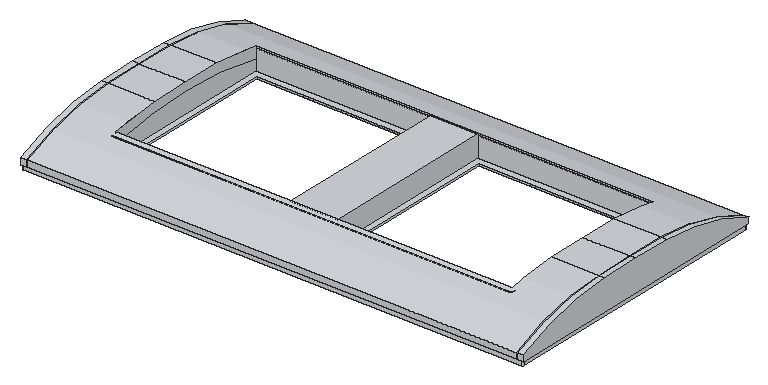
Revit family "Gira_021224", category Electrical Fixtures, host Face, Revit 2017
Family settings
  Host = Face
  Maintain Annotation Orientation = No
  Round Connector Dimension = Use Diameter
  Part Type = Normal
  Cut with Voids When Loaded = No
  Shared = No
  Room Calculation Point = No
Parameters (values of type "Cov.fr. 2-g interm.fr. AN Gira Event Opaque white")
  With mounting grid = "No"
  With hinged lid = "No"
  URL = "http://katalog.gira.de/en/datenblatt.html?artikelnr=021224"
  Type of fastening = "Clamp mounting"
  Transparent = "No"
  Surface protection = "Other"
  Suitable for wall duct = "No"
  Suitable for flush-mounted installation = "Yes"
  Suitable for floor box = "No"
  Suitable for built-in installation = "No"
  Number of units vertical = "2"
  Number of units horizontal = "2"
  Number of units = "2"
  Name = "Cov.fr. 2-g interm.fr. AN Gira Event Opaque white"
  Mounting direction = "Horizontal and vertical"
  Material quality = "Thermoplastic"
  Material = "Plastic"
  Manufacturer URL = "https://www.gira.de/"
  Manufacturer = "Gira"
  Label space/information surface = "No"
  Keynote = ""
  HeinzeBIM = "https://bimportal.heinze.de/bim/cov-fr-2-g-interm-fr-an-gira-event-opaque-white/427adbf148d74cdda7cfa282a0370457a4938cc1"
  Halogen free = "Yes"
  HAN = "021224"
  GTIN = "4010337212249"
  Description = "Cov.fr.2g i.fr.AN EvOp WH,Gira Event Opaque frames,white with anthracite intermediate frame,2-gang,Features:,- Shatter-proof."
  Degree of protection (IP) = "IP20"
  Default Elevation = 1219.2 mm
  Data sheet (1) = "https://katalog.gira.de/en/download.html?artikelnr=021224"
  Colour = "White"
  Category = "Cover frame for domestic switching devices"
  BIM (1) = "https://media.stage.bim.site/public/gira/36a6b08/Event_Rahmen_2fach.rfa"
  Available = "No"
Reference planes
  plane 1 "Center (Front/Back)": y = 0
  plane 2: z = 0
  plane 3 "Center (Left/Right)": x = 0
Forms (mm)
  Extrusion 1, solid, detail levels fine
    sketch origin (0, 0, 0.05) x (0, 1, 0) y (0, 0, 1)
      loop
        arc (12.445, 9.683) -> (6.223, 9.833) -> (0, 9.85) r 291.636
        arc (0, 9.85) -> (-6.223, 9.833) -> (-12.445, 9.683) r 291.636
        arc (-12.445, 9.683) -> (-29.14, 7.482) -> (-45, 1.823) r 79.728
        line (-45, 1.823) -> (-45, -0.05) -> (-42.086, -0.05)
        arc (-42.086, -0.05) -> (-21.385, 5.559) -> (0, 7.206) r 114.424
        arc (0, 7.206) -> (21.385, 5.559) -> (42.086, -0.05) r 114.424
        line (42.086, -0.05) -> (45, -0.05) -> (45, 1.823)
        arc (45, 1.823) -> (29.14, 7.482) -> (12.445, 9.683) r 79.728
    from -78.55 to 78.55
  Extrusion 2, void, detail levels fine
    sketch origin (0, 0, 0) x (1, 0, 0) y (0, 1, 0)
      loop
        line (-63.55, -27.937) -> (63.55, -27.937) -> (63.55, 28.063) -> (-63.55, 28.063) -> (-63.55, -27.937)
    from 0.724 to 11
  Extrusion 3, solid, detail levels coarse
    sketch origin (0, 0, 0) x (1, 0, 0) y (0, 1, 0)
      loop
        line (-80.55, 45) -> (-80.55, -45) -> (80.55, -45) -> (80.55, 45) -> (-80.55, 45)
    from -1.5 to 9.9
  Extrusion 4, solid, detail levels medium
    sketch origin (0, 0, 0.05) x (0, 1, 0) y (0, 0, 1)
      loop
        arc (12.445, 9.683) -> (6.223, 9.833) -> (0, 9.85) r 291.636
        arc (0, 9.85) -> (-6.223, 9.833) -> (-12.445, 9.683) r 291.636
        arc (-12.445, 9.683) -> (-29.14, 7.482) -> (-45, 1.823) r 79.728
        line (-45, 1.823) -> (-45, -0.05) -> (45, -0.05) -> (45, 1.823)
        arc (45, 1.823) -> (29.14, 7.482) -> (12.445, 9.683) r 79.728
    from -80.55 to 80.55
  Extrusion 5, solid, detail levels fine
    sketch origin (-35.55, 0, -1.5) x (0, 1, 0) y (0, 0, -1)
      loop
        line (45, -3.373) -> (45, -1.5) -> (-45, -1.5) -> (-45, -3.373)
        arc (-45, -3.373) -> (-29.14, -9.032) -> (-12.445, -11.233) r 79.728
        arc (-12.445, -11.233) -> (-6.223, -11.383) -> (0, -11.4) r 291.636
        arc (0, -11.4) -> (6.223, -11.383) -> (12.445, -11.233) r 291.636
        arc (12.445, -11.233) -> (29.14, -9.032) -> (45, -3.373) r 79.728
    from 43 to 45
  Extrusion 6, solid, detail levels fine
    sketch origin (0, 0, 0) x (1, 0, 0) y (0, 1, 0)
      loop
        line (-61.45, 25.7) -> (-61.45, -25.7) -> (-9.65, -25.7) -> (-9.65, 25.7) -> (-61.45, 25.7)
      loop
        line (61.45, -25.7) -> (61.45, 25.7) -> (9.65, 25.7) -> (9.65, -25.7) -> (61.45, -25.7)
      loop
        line (-64.445, 28.49) -> (-64.445, -28.495)
        spline (-64.445, -28.495) -> (-64.436, -28.625) -> (-64.411, -28.754) -> (-64.369, -28.878) -> (-64.311, -28.995) -> (-64.238, -29.104) -> (-64.152, -29.202) -> (-64.054, -29.288) -> (-63.945, -29.361) -> (-63.828, -29.419) -> (-63.704, -29.461) -> (-63.575, -29.486) -> (-63.445, -29.495)
        line (-63.445, -29.495) -> (63.445, -29.495)
        spline (63.445, -29.495) -> (63.575, -29.486) -> (63.704, -29.461) -> (63.828, -29.419) -> (63.945, -29.361) -> (64.054, -29.288) -> (64.152, -29.202) -> (64.238, -29.104) -> (64.311, -28.995) -> (64.369, -28.878) -> (64.411, -28.754) -> (64.436, -28.625) -> (64.445, -28.495)
        line (64.445, -28.495) -> (64.445, 28.49)
        spline (64.445, 28.49) -> (64.436, 28.62) -> (64.411, 28.748) -> (64.369, 28.872) -> (64.311, 28.99) -> (64.238, 29.098) -> (64.152, 29.197) -> (64.054, 29.283) -> (63.945, 29.356) -> (63.828, 29.413) -> (63.704, 29.456) -> (63.575, 29.481) -> (63.445, 29.49)
        line (63.445, 29.49) -> (-63.445, 29.49)
        spline (-63.445, 29.49) -> (-63.575, 29.481) -> (-63.704, 29.456) -> (-63.828, 29.413) -> (-63.945, 29.356) -> (-64.054, 29.283) -> (-64.152, 29.197) -> (-64.238, 29.098) -> (-64.311, 28.99) -> (-64.369, 28.872) -> (-64.411, 28.748) -> (-64.436, 28.62) -> (-64.445, 28.49)
    from 0.1 to 7.3
  Extrusion 7, solid
    sketch origin (0, 0, 0) x (1, 0, 0) y (0, 1, 0)
      loop
        arc (-80.25, -44.2) -> (-80.104, -44.554) -> (-79.75, -44.7) r 0.5
        line (-79.75, -44.7) -> (79.75, -44.7)
        arc (79.75, -44.7) -> (80.104, -44.554) -> (80.25, -44.2) r 0.5
        line (80.25, -44.2) -> (80.25, 44.2)
        arc (80.25, 44.2) -> (80.104, 44.554) -> (79.75, 44.7) r 0.5
        line (79.75, 44.7) -> (-79.75, 44.7)
        arc (-79.75, 44.7) -> (-80.104, 44.554) -> (-80.25, 44.2) r 0.5
        line (-80.25, 44.2) -> (-80.25, -44.2)
      loop
        line (-78.55, 43) -> (-78.55, -43) -> (78.55, -43) -> (78.55, 43) -> (-78.55, 43)
    from -1.5 to 0.5
  Extrusion 8, solid, detail levels fine
    sketch origin (35.55, 0, -1.5) x (0, 1, 0) y (0, 0, 1)
      loop
        arc (45, 3.373) -> (29.14, 9.032) -> (12.445, 11.233) r 79.728
        arc (12.445, 11.233) -> (6.223, 11.383) -> (0, 11.4) r 291.636
        arc (0, 11.4) -> (-6.223, 11.383) -> (-12.445, 11.233) r 291.636
        arc (-12.445, 11.233) -> (-29.14, 9.032) -> (-45, 3.373) r 79.728
        line (-45, 3.373) -> (-45, 1.5) -> (45, 1.5) -> (45, 3.373)
    from 43 to 45
  Extrusion 9, solid, detail levels medium
    sketch origin (0, 0, 0) x (1, 0, 0) y (0, 1, 0)
      loop
        line (-80.25, -44.7) -> (80.25, -44.7) -> (80.25, 44.7) -> (-80.25, 44.7) -> (-80.25, -44.7)
    from -1.5 to 0.5
  Extrusion 10, solid, detail levels fine
    sketch origin (0, 0, 0) x (1, 0, 0) y (0, 1, 0)
      loop
        line (-7.55, 28.063) -> (-7.55, -27.937) -> (7.55, -27.937) -> (7.55, 28.063) -> (-7.55, 28.063)
    from 0.724 to 7.566
Cuts and joins
  Extrusion 2 cuts Extrusion 1
  Extrusion 2 cuts Extrusion 6
Dimensions and locks
  aligned and locked: plane 2 to host face
  aligned and locked: level to host face
